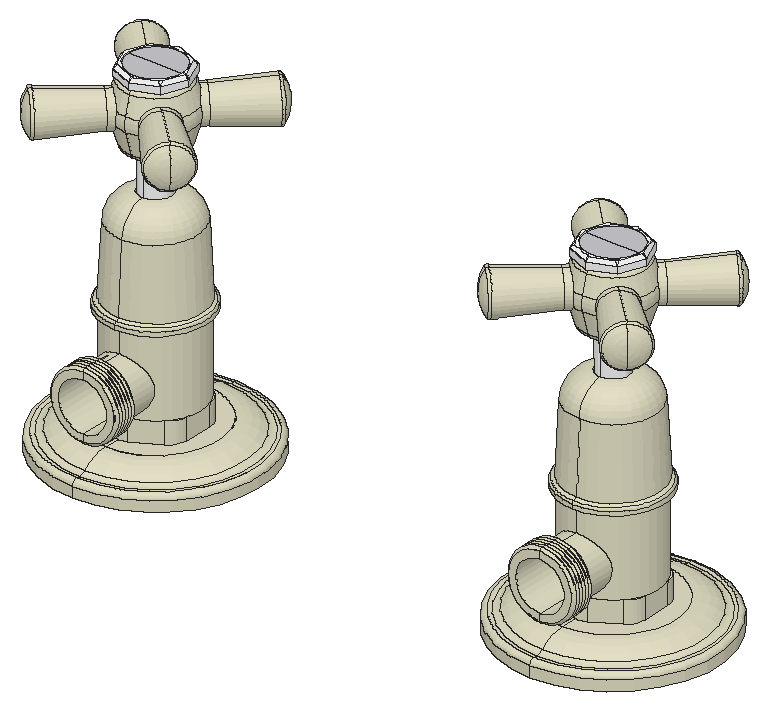
Revit family "Reece_Tap_Posh_Bristol_Washing Machine Stop", category Plumbing Fixtures, host Face, Revit 2018
Family settings
  Host = Face
  Round Connector Dimension = Use Diameter
  Part Type = Normal
  Cut with Voids When Loaded = No
  Shared = Yes
  Room Calculation Point = Yes
Parameters (values of type "Cross Handle_Ivory_Chrome")
  WFU = 0  # constant formula
  URL = "https://www.reece.com.au/product/-2205263"
  Type Comments = "Tap"
  Reece_Tap_Reach = 0 mm
  Reece_Tap_Outlet = 18 mm  # constant formula
  Reece_Tap_Inlet = 12 mm  # constant formula
  Reece_Tap_Handle_Spacing_Distance [instance] = if(Reece_Tap_Handle_Spacing < 70 mm, 70 mm, if(Reece_Tap_Handle_Spacing > 55 mm, Reece_Tap_Handle_Spacing, Reece_Tap_Handle_Spacing))  # 150 mm
  Reece_Tap_Handle_Spacing [instance] = 150 mm
  Reece_Product_Web Page = "https://www.reece.com.au/product/-2205263"
  Reece_Product_Type = "Tap"  # constant formula
  Reece_Product_Sub Brand = "Bristol"  # constant formula
  Reece_Product_Number = "2205263"
  Reece_Product_Mount = "Wall Mounted"
  Reece_Product_Description = "Posh Bristol Washing Machine Stops Ivory/Chrome"
  Reece_Product_Brand = "Posh"  # constant formula
  Reece_Overall_Projection = 113 mm  # constant formula
  Reece_Material_Secondary = Reece_Brass_Chrome
  Reece_Material_Main = Reece_Metal_Steel Enamelled_Ivory
  Reece_Material_Colour = Reece_Plastic_White
  Reece_Detail_Installation = ""
  Reece_Detail_Disclaimer = "THIS FILE IS THE PROPERTY OF THE REECE GROUP. IT MAY NOT BE REPRODUCED, REVERSE-ENGINEERED OR MODIFIED. ANY REPUBLICATION, TRANSMISSION OR DISTRIBUTION FOR THE PURPOSE OF COMMERCIALLY EXPLOITING THE FILES IS PROHIBITED."  # constant formula
  Reece_Detail_Connector = ""
  Reece_Detail_Additional = "Cross Handle"  # constant formula
  Model = "Bristol"
  Manufacturer = "Posh"
  Keynote = "Product #2205263, Reece_Tap_Posh_Bristol_Washing Machine Stop - Cross Handle_Ivory_Chrome"
  HWFU = 0  # constant formula
  Disclaimer = "THIS FILE IS THE PROPERTY OF THE REECE GROUP. IT MAY NOT BE REPRODUCED, REVERSE-ENGINEERED OR MODIFIED. ANY REPUBLICATION, TRANSMISSION OR DISTRIBUTION FOR THE PURPOSE OF COMMERCIALLY EXPLOITING THE FILES IS PROHIBITED."  # constant formula
  Description = "Posh Bristol Washing Machine Stops Ivory/Chrome"
  Default Elevation = 1000 mm
  CWFU = 0  # constant formula
Types (7, lengths in mm): name | URL | Reece_Product_Web Page | Reece_Product_Number | Reece_Product_Description | Reece_Material_Secondary | Reece_Material_Main | Keynote | Description
  (no name) | "https://www.reece.com.au/product/-2205260" | "https://www.reece.com.au/product/-2205260" | "2205260" | "Posh Bristol Washing Machine Stops Chrome" | Reece_Brass_Chrome | Reece_Brass_Chrome | "Product #2205260, Reece_Tap_Posh_Bristol_Washing Machine Stop -  " | "Posh Bristol Washing Machine Stops Chrome"
  Cross Handle_Chrome | "https://www.reece.com.au/product/-2205260" | "https://www.reece.com.au/product/-2205260" | "2205260" | "Posh Bristol Washing Machine Stops Chrome" | Reece_Brass_Chrome | Reece_Brass_Chrome | "Product #2205260, Reece_Tap_Posh_Bristol_Washing Machine Stop - Cross Handle_Chrome" | "Posh Bristol Washing Machine Stops Chrome"
  Cross Handle_Chrome_Gold | "https://www.reece.com.au/product/-2205265" | "https://www.reece.com.au/product/-2205265" | "2205265" | "Posh Bristol Washing Machine Stops Chrome/Gold" | Reece_Metal_Gold_Polished | Reece_Brass_Chrome | "Product #2205265, Reece_Tap_Posh_Bristol_Washing Machine Stop - Cross Handle_Chrome_Gold" | "Posh Bristol Washing Machine Stops Chrome/Gold"
  Cross Handle_Ivory_Gold | "https://www.reece.com.au/product/-2205264" | "https://www.reece.com.au/product/-2205264" | "2205264" | "Posh Bristol Washing Machine Stops Ivory/Gold" | Reece_Metal_Gold_Polished | Reece_Metal_Steel Enamelled_Ivory | "Product #2205264, Reece_Tap_Posh_Bristol_Washing Machine Stop - Cross Handle_Ivory_Gold" | "Posh Bristol Washing Machine Stops Ivory/Gold"
  Cross Handle_Ivory_Chrome | "https://www.reece.com.au/product/-2205263" | "https://www.reece.com.au/product/-2205263" | "2205263" | "Posh Bristol Washing Machine Stops Ivory/Chrome" | Reece_Brass_Chrome | Reece_Metal_Steel Enamelled_Ivory | "Product #2205263, Reece_Tap_Posh_Bristol_Washing Machine Stop - Cross Handle_Ivory_Chrome" | "Posh Bristol Washing Machine Stops Ivory/Chrome"
  Cross Handle_White_Gold | "https://www.reece.com.au/product/-2205262" | "https://www.reece.com.au/product/-2205262" | "2205262" | "Posh Bristol Washing Machine Stops White/Gold" | Reece_Metal_Gold_Polished | Reece_Metal_Steel Enamelled_White | "Product #2205262, Reece_Tap_Posh_Bristol_Washing Machine Stop - Cross Handle_White_Gold" | "Posh Bristol Washing Machine Stops White/Gold"
  Cross Handle_White_Chrome | "https://www.reece.com.au/product/-2205261" | "https://www.reece.com.au/product/-2205261" | "2205261" | "Posh Bristol Washing Machine Stops White/Chrome" | Reece_Brass_Chrome | Reece_Metal_Steel Enamelled_White | "Product #2205261, Reece_Tap_Posh_Bristol_Washing Machine Stop - Cross Handle_White_Chrome" | "Posh Bristol Washing Machine Stops White/Chrome"
Reference planes
  plane 1 "Center (Front/Back)": y = 0
  plane 2 "Bottom": z = 0
  plane 3 "Center (Left/Right)": x = 0
  plane 4: x = 75
  plane 5: x = -75
  plane 6: z = 113
Forms (mm)
  Revolve 1, solid
    sketch origin (0, 0, 0) x (1, 0, 0) y (0, 0, 1)
      loop
        line (-75, 0) -> (-75, -16.43) -> (-73.284, -16.43) -> (-71.609, -13.53) -> (-71.609, -12.746) -> (-65.277, -12.746) -> (-65.277, -6.92) -> (-66.374, -5.823) -> (-65.278, -5.823) -> (-63.491, -4.036) -> (-63.491, 0) -> (-75, 0)
      axis (-75, 0) -> (-75, -16.43)
    angle from 0 to 360
  Revolve 2, solid
    sketch origin (0, 0, 0) x (-1, 0, 0) y (0, 0, 1)
      loop
        line (-75, 0) -> (-75, -16.43) -> (-73.284, -16.43) -> (-71.609, -13.53) -> (-71.609, -12.746) -> (-65.277, -12.746) -> (-65.277, -6.92) -> (-66.374, -5.823) -> (-65.278, -5.823) -> (-63.491, -4.036) -> (-63.491, 0) -> (-75, 0)
      axis (-75, 0) -> (-75, -16.43)
    angle from 0 to 360
Text (mm)
  text "Reece Copyright © 2018, Reece Ltd." at (-352.055, -221.236, 0), in view "Ref. Level"
  text "Reece ©" at (44.384, 258.95, 192.345), in view "Reece Preview"
Dimensions and locks
  equal spacing: plane 5, plane 3 "Center (Left/Right)", plane 4
  "Reece_Tap_Handle_Spacing_Distance": plane 5 to plane 4
  "Reece_Overall_Projection": plane 6 to plane 2 "Bottom"
  aligned and locked: plane 2 "Bottom" to host face
  aligned and locked: level to host face
  aligned and locked: plane 1 "Center (Front/Back)" to nested 1
  aligned and locked: plane 4 to nested 2
  aligned and locked: nested 2 to plane 1 "Center (Front/Back)"
  aligned and locked: nested 1 to plane 5
  aligned and locked: Revolve 1 sketch curve to nested 1
  aligned and locked: Revolve 2 sketch curve to nested 2
Automatic sketch dimensions
  host sketch curve to host sketch curve = 380.785 mm
  host sketch curve to host sketch curve = 317.421 mm
  Revolve 1 sketch curve to level = 0 mm
  plane 5 to Revolve 1 sketch curve = 0 mm
  Revolve 1 sketch curve to plane 5 = 1.716 mm
  Revolve 1 sketch curve to plane 5 = 3.391 mm
  Revolve 1 sketch curve to plane 5 = 8.626 mm
  Revolve 1 sketch curve to Revolve 1 sketch curve = 1.097 mm  (x2)
  Revolve 1 sketch curve to Revolve 1 sketch curve = 6.333 mm
  Revolve 1 sketch curve to Revolve 1 sketch curve = 1.787 mm  (x2)
  Revolve 1 sketch curve to Revolve 1 sketch curve = 4.036 mm  (x2)
  Revolve 1 sketch curve to Revolve 1 sketch curve = 5.826 mm
  Revolve 1 sketch curve to Revolve 1 sketch curve = 0.783 mm
  Revolve 1 sketch curve to Revolve 1 sketch curve = 2.901 mm
  Revolve 1 sketch curve to Revolve 1 sketch curve = 1.78 mm
  Revolve 2 sketch curve to level = 0 mm
  Revolve 2 sketch curve to plane 4 = 0 mm
  plane 4 to Revolve 2 sketch curve = 1.716 mm
  plane 4 to Revolve 2 sketch curve = 3.391 mm
  plane 4 to Revolve 2 sketch curve = 8.626 mm
  Revolve 2 sketch curve to Revolve 2 sketch curve = 1.097 mm  (x2)
  Revolve 2 sketch curve to Revolve 2 sketch curve = 6.333 mm
  Revolve 2 sketch curve to Revolve 2 sketch curve = 1.787 mm  (x2)
  Revolve 2 sketch curve to Revolve 2 sketch curve = 4.036 mm  (x2)
  Revolve 2 sketch curve to Revolve 2 sketch curve = 5.826 mm
  Revolve 2 sketch curve to Revolve 2 sketch curve = 0.783 mm
  Revolve 2 sketch curve to Revolve 2 sketch curve = 2.901 mm
  Revolve 2 sketch curve to Revolve 2 sketch curve = 1.78 mm
Nested families
  nested 1: "Reece_Tap_Posh_Bristol_Washing Machine Stop_Nested" at (-75, 0, 0), Reece_Material_Colour <- "Reece_Material_Colour", Reece_Material_Main <- "Reece_Material_Main", Reece_Material_Secondary <- "Reece_Material_Secondary", type "Reece_Tap_Posh_Bristol_Washing Machine Stop_Nested"
    with Reece_Material_Secondary Reece_Brass_Chrome, Reece_Material_Main Reece_Metal_Steel Enamelled_Ivory, Reece_Material_Colour Reece_Plastic_White
  nested 2: "Reece_Tap_Posh_Bristol_Washing Machine Stop_Nested" at (75, 0, 0) x (-1, 0, 0) z (0, 0, 1), Reece_Material_Colour <- "Reece_Material_Colour", Reece_Material_Main <- "Reece_Material_Main", Reece_Material_Secondary <- "Reece_Material_Secondary", type "Reece_Tap_Posh_Bristol_Washing Machine Stop_Nested"
    with Reece_Material_Secondary Reece_Brass_Chrome, Reece_Material_Main Reece_Metal_Steel Enamelled_Ivory, Reece_Material_Colour Reece_Plastic_White
Connectors
  piping at (-75, 0, -12.746), diameter 12, driven by "Reece_Tap_Inlet"
    settings: on Revolve 1, index 1, connector inside diameter 609.6 mm, connector length 0 mm, flow factor 0, pipe flow 0.0 L/s, pressure drop 0.0 Pa, fitting loss kfactor 0, connector angle 0.00°, fixture units 0, engagement length 0 mm, angle of deflection 0.00°, flow configuration 0, flow direction 1, fitting loss method 0, system type 29, joint type 0, gender type 0, connector reference index -1, connector utility 0, adjustable connector no, is connector primary yes, connector description ""
  piping at (75, 0, -12.746), diameter 12, driven by "Reece_Tap_Inlet"
    settings: on Revolve 2, index 2, connector inside diameter 609.6 mm, connector length 0 mm, flow factor 0, pipe flow 0.0 L/s, pressure drop 0.0 Pa, fitting loss kfactor 0, connector angle 0.00°, fixture units 0, engagement length 0 mm, angle of deflection 0.00°, flow configuration 0, flow direction 1, fitting loss method 0, system type 29, joint type 0, gender type 0, connector reference index -1, connector utility 0, adjustable connector no, is connector primary no, connector description ""
  piping at (-75, -29.833, 24.987), diameter 18, driven by "Reece_Tap_Outlet"
    settings: on nested 1, index 3, connector inside diameter 609.6 mm, connector length 0 mm, flow factor 0, pipe flow 0.0 L/s, pressure drop 0.0 Pa, fitting loss kfactor 0, connector angle 0.00°, fixture units 0, engagement length 0 mm, angle of deflection 0.00°, flow configuration 0, flow direction 2, fitting loss method 0, system type 29, joint type 0, gender type 0, connector reference index -1, connector utility 0, adjustable connector no, is connector primary no, connector description ""
  piping at (75, -29.833, 24.987), diameter 18, driven by "Reece_Tap_Outlet"
    settings: on nested 2, index 4, connector inside diameter 609.6 mm, connector length 0 mm, flow factor 0, pipe flow 0.0 L/s, pressure drop 0.0 Pa, fitting loss kfactor 0, connector angle 0.00°, fixture units 0, engagement length 0 mm, angle of deflection 0.00°, flow configuration 0, flow direction 2, fitting loss method 0, system type 29, joint type 0, gender type 0, connector reference index -1, connector utility 0, adjustable connector no, is connector primary no, connector description ""
Definition of nested family "Reece_Tap_Posh_Bristol_Washing Machine Stop_Nested"
  Parameters (values of type "Reece_Tap_Posh_Bristol_Washing Machine Stop_Nested")
    Waste Connection = no
    WFU = 0
    Vent Connection = no
    URL = ""
    Type Comments = ""
    Reece_Material_Secondary [instance] = none
    Reece_Material_Main [instance] = none
    Reece_Material_Colour [instance] = none
    Model = ""
    Manufacturer = ""
    Keynote = ""
    HWFU = 0
    HW Connection = no
    Description = ""
    Default Elevation = 0 mm
    Cost = 0
    CWFU = 0
    CW Connection = no
    Assembly Code = ""
  Reference planes
    plane 1 "Center (Front/Back)": y = 0
    plane 2 "Bottom": z = 0
    plane 3 "Center (Left/Right)": x = 0
    plane 4: y = 34
    plane 5: y = -34
    plane 6: z = 113.087
    plane 7: z = 9.087
    plane 8: z = 24.987
    plane 9: z = 10
  Forms (mm)
    Extrusion 1, solid
      sketch origin (619.2, -619.2, 0) x (1, 0, 0) y (0, 1, 0)
        loop
          line (-809.2, 779.2) -> (-809.2, 461.779) -> (-428.415, 461.779) -> (-428.415, 779.2) -> (-809.2, 779.2)
      from 0 to -9.564
    Extrusion 2, void
      sketch origin (0, 0, 0) x (1, 0, 0) y (0, 1, 0)
        loop
          circle (0, 0) r 11.509
      from -24.315 to 0
    Revolve 3, solid, material <- "Reece_Material_Main"
      sketch origin (0, 0, 40.576) x (0, 1, 0) y (0, 0, 1)
        loop
          line (0, 18.301) -> (0, -24.542) -> (14.715, -24.542) -> (14.715, 1.25) -> (16.565, 1.25) -> (16.565, 2.573)
          arc (16.565, 2.573) -> (16.431, 3.073) -> (16.065, 3.439) r 1
          line (16.065, 3.439) -> (14.973, 4.07) -> (13.796, 26.531)
          arc (13.796, 26.531) -> (11.156, 32.44) -> (5.233, 35.05) r 9
          line (5.233, 35.05) -> (5.233, 18.301) -> (0, 18.301)
        loop
          line (0, 48.02) -> (7.934, 48.02)
          arc (7.934, 48.02) -> (9.122, 48.411) -> (9.845, 49.432) r 2
          line (9.845, 49.432) -> (12.281, 57.338)
          arc (12.281, 57.338) -> (12.636, 59.637) -> (12.314, 61.94) r 8
          line (12.314, 61.94) -> (10.609, 67.769)
          arc (10.609, 67.769) -> (9.889, 68.808) -> (8.69, 69.208) r 2
          line (8.69, 69.208) -> (0, 69.208) -> (0, 48.02)
        axis (0, 69.208) -> (0, -24.542)
      angle from 0 to 360
    Revolve 4, solid, material <- "Reece_Material_Main"
      sketch origin (0, -0.051, -1.102) x (0, 1, 0) y (0, 0, 1)
        loop
          line (-4.782, 26.089) -> (-3.705, 26.089) -> (-3.705, 35.041) -> (-20.736, 35.041) -> (-22.931, 37.236) -> (-23.528, 36.638) -> (-24.126, 37.236) -> (-24.728, 36.633) -> (-25.33, 37.236) -> (-25.927, 36.638) -> (-26.524, 37.236) -> (-27.149, 36.61) -> (-27.775, 37.236) -> (-28.372, 36.638) -> (-28.969, 37.236) -> (-29.782, 36.423) -> (-29.782, 34.047) -> (-4.782, 34.047) -> (-4.782, 26.089)
        axis (-3.705, 26.089) -> (-29.782, 26.089)
      angle from 0 to 360
    Revolve 5, void
      sketch origin (0, -0.051, -5.477) x (0, 1, 0) y (0, 0, 1)
        loop
          line (-32.449, 30.464) -> (-7.804, 30.464) -> (-7.804, 38.152) -> (-32.449, 38.152) -> (-32.449, 30.464)
        axis (-7.804, 30.464) -> (-32.449, 30.464)
      angle from 0 to 360
    Revolve 6, solid, material <- "Reece_Material_Main"
      sketch origin (0, 0, 16.981) x (-0.707107, -0.707107, 0) y (0, 0, -1)
        loop
          line (8.924, -83.488) -> (8.924, -89.907)
          arc (8.924, -89.907) -> (11.063, -89.359) -> (13.269, -89.278) r 10.355
          line (13.269, -89.278) -> (31.918, -90.582)
          arc (31.918, -90.582) -> (32.42, -90.486) -> (32.809, -90.155) r 1
          arc (32.809, -90.155) -> (34.321, -86.98) -> (34.738, -83.488) r 10.837
          line (34.738, -83.488) -> (8.924, -83.488)
        loop
          line (-8.924, -83.488) -> (-34.738, -83.488)
          arc (-34.738, -83.488) -> (-34.321, -86.98) -> (-32.809, -90.155) r 10.837
          arc (-32.809, -90.155) -> (-32.42, -90.486) -> (-31.918, -90.582) r 1
          line (-31.918, -90.582) -> (-13.269, -89.278)
          arc (-13.269, -89.278) -> (-11.063, -89.359) -> (-8.924, -89.907) r 10.355
          line (-8.924, -89.907) -> (-8.924, -83.488)
        axis (34.738, -83.488) -> (-34.738, -83.488)
      angle from 0 to 360
    Blend 7, solid, material <- "Reece_Material_Secondary"
      base sketch origin (0, 0, 21.387) x (1, 0, 0) y (0, 1, 0)
        loop
          line (10.999, 0) -> (7.777, 7.777) -> (0, 10.999) -> (-7.777, 7.777) -> (-10.999, 0) -> (-7.777, -7.777) -> (0, -10.999) -> (7.777, -7.777) -> (10.999, 0)
      top sketch origin (0, 0, 21.387) x (1, 0, 0) y (0, 1, 0)
        loop
          line (0, 10.999) -> (-7.777, 7.777) -> (-10.999, 0) -> (-7.777, -7.777) -> (0, -10.999) -> (7.777, -7.777) -> (10.999, 0) -> (7.777, 7.777) -> (0, 10.999)
      from 88.397 to 90.6
    Blend 8, solid, material <- "Reece_Material_Secondary"
      base sketch origin (0, 0, 21.387) x (1, 0, 0) y (0, 1, 0)
        loop
          line (0, 10.999) -> (-7.777, 7.777) -> (-10.999, 0) -> (-7.777, -7.777) -> (0, -10.999) -> (7.777, -7.777) -> (10.999, 0) -> (7.777, 7.777) -> (0, 10.999)
      top sketch origin (0, 0, 21.387) x (1, 0, 0) y (0, 1, 0)
        loop
          line (-0.383, 9.841) -> (-6.688, 7.23)
          arc (-6.688, 7.23) -> (-7.013, 7.013) -> (-7.23, 6.688) r 1
          line (-7.23, 6.688) -> (-9.841, 0.383)
          arc (-9.841, 0.383) -> (-9.918, 0) -> (-9.841, -0.383) r 1
          line (-9.841, -0.383) -> (-7.23, -6.688)
          arc (-7.23, -6.688) -> (-7.013, -7.013) -> (-6.688, -7.23) r 1
          line (-6.688, -7.23) -> (-0.383, -9.841)
          arc (-0.383, -9.841) -> (0, -9.918) -> (0.383, -9.841) r 1
          line (0.383, -9.841) -> (6.688, -7.23)
          arc (6.688, -7.23) -> (7.013, -7.013) -> (7.23, -6.688) r 1
          line (7.23, -6.688) -> (9.841, -0.383)
          arc (9.841, -0.383) -> (9.918, 0) -> (9.841, 0.383) r 1
          line (9.841, 0.383) -> (7.23, 6.688)
          arc (7.23, 6.688) -> (7.013, 7.013) -> (6.688, 7.23) r 1
          line (6.688, 7.23) -> (0.383, 9.841)
          arc (0.383, 9.841) -> (0, 9.918) -> (-0.383, 9.841) r 1
      from 90.6 to 91.7
    Revolve 9, solid, material <- "Reece_Material_Colour"
      sketch origin (0, 0, 21.387) x (1, 0, 0) y (0, 0, 1)
        loop
          line (-8.834, 91.544) -> (-8.834, 90.6) -> (0, 90.6) -> (0, 91.544) -> (-8.834, 91.544)
        axis (0, 90.6) -> (0, 91.6)
      angle from 0 to 360
    Extrusion 10, void
      sketch origin (0, 0, 113.087) x (1, 0, 0) y (0, 1, 0)
        loop
          circle (0, 0) r 8.834
      from -1.1 to 0.991
    Revolve 11, solid, material <- "Reece_Material_Secondary"
      sketch origin (0, 0, -9.1) x (0, 1, 0) y (0, 0, 1)
        loop
          line (0, 97.697) -> (0, 68.757) -> (4.808, 68.757) -> (4.808, 97.697) -> (0, 97.697)
        axis (0, 97.697) -> (0, 68.757)
      angle from 0 to 360
    Extrusion 12, solid, material <- "Reece_Material_Main"
      sketch origin (0, 0, 0) x (1, 0, 0) y (0, 1, 0)
        loop
          line (-2.745, 14.635) -> (-10.956, 10.083)
          arc (-10.956, 10.083) -> (-13.191, 7.926) -> (-14.047, 4.94) r 6
          line (-14.047, 4.94) -> (-14.21, -4.447)
          arc (-14.21, -4.447) -> (-13.459, -7.461) -> (-11.302, -9.695) r 6
          line (-11.302, -9.695) -> (-3.254, -14.53)
          arc (-3.254, -14.53) -> (-0.269, -15.386) -> (2.745, -14.635) r 6
          line (2.745, -14.635) -> (10.956, -10.083)
          arc (10.956, -10.083) -> (13.191, -7.926) -> (14.047, -4.94) r 6
          line (14.047, -4.94) -> (14.21, 4.447)
          arc (14.21, 4.447) -> (13.459, 7.461) -> (11.302, 9.695) r 6
          line (11.302, 9.695) -> (3.254, 14.53)
          arc (3.254, 14.53) -> (0.269, 15.386) -> (-2.745, 14.635) r 6
      from 9.087 to 16.034
    Revolve 13, solid, material <- "Reece_Material_Main"
      sketch origin (0, 0, 16.981) x (-0.707107, 0.707107, 0) y (0, 0, -1)
        loop
          line (8.924, -83.488) -> (8.924, -89.907)
          arc (8.924, -89.907) -> (11.063, -89.359) -> (13.269, -89.278) r 10.355
          line (13.269, -89.278) -> (31.918, -90.582)
          arc (31.918, -90.582) -> (32.42, -90.486) -> (32.809, -90.155) r 1
          arc (32.809, -90.155) -> (34.321, -86.98) -> (34.738, -83.488) r 10.837
          line (34.738, -83.488) -> (8.924, -83.488)
        loop
          line (-8.924, -83.488) -> (-34.738, -83.488)
          arc (-34.738, -83.488) -> (-34.321, -86.98) -> (-32.809, -90.155) r 10.837
          arc (-32.809, -90.155) -> (-32.42, -90.486) -> (-31.918, -90.582) r 1
          line (-31.918, -90.582) -> (-13.269, -89.278)
          arc (-13.269, -89.278) -> (-11.063, -89.359) -> (-8.924, -89.907) r 10.355
          line (-8.924, -89.907) -> (-8.924, -83.488)
        axis (34.738, -83.488) -> (-34.738, -83.488)
      angle from 0 to 360
    Revolve 14, solid, material <- "Reece_Material_Main"
      sketch origin (0, 0, 49.676) x (0, 1, 0) y (0, 0, 1)
        loop
          line (0, -49.676) -> (34, -49.676) -> (34, -46.271)
          arc (34, -46.271) -> (33.502, -45.069) -> (32.3, -44.571) r 1.7
          line (32.3, -44.571) -> (31.093, -44.571)
          arc (31.093, -44.571) -> (29.941, -44.362) -> (28.936, -43.76) r 3.276
          arc (28.936, -43.76) -> (25.004, -41.409) -> (20.496, -40.59) r 12.818
          line (20.496, -40.59) -> (0, -40.59) -> (0, -49.676)
        axis (0, -40.59) -> (0, -49.676)
      angle from 0 to 360
  Cuts and joins
    Revolve 5 cuts Revolve 3
    joined: Revolve 3, Revolve 4
    Extrusion 10 cuts Blend 8
  Text (mm)
    text "Reece Copyright © 2018, Reece Ltd." at (-1403.988, -1192.393, 0), in view "Ref. Level"
    text "Reece ©" at (44.384, 258.95, 192.345), in view "Reece Preview"
  Dimensions and locks
    aligned and locked: plane 2 "Bottom" to Extrusion 1
    aligned and locked: level to Extrusion 1
